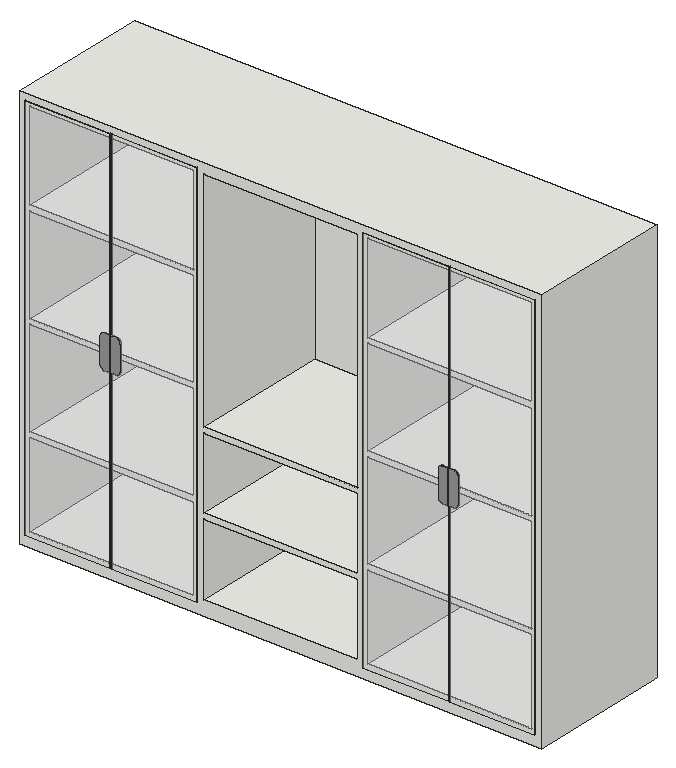
Revit family "d4fd8f3cc87a4613aad658a719bdf601", category Furniture, Revit 2021
Family settings
  OmniClass Number = 23.40.20.14.17
  OmniClass Title = Residential Tables and Cabinets
  Seek Item ID = Entertainment Center-0000-USA-ENU
  Work Plane-Based = No
  Always vertical = Yes
  Cut with Voids When Loaded = No
  Shared = No
  Room Calculation Point = No
Parameters (values of type "96" x 84" x 30"")
  Material = Laminate, Ivory, Matte
  Default Elevation = 0' - 0"
  Assembly Code = "E2020200"
  Center Width = 2' - 8"
  Depth = 2' - 6"
  Height = 7' - 0"
  Width = 9' - 0"
Types (3): name | Material | Depth | Height | Width
  (no name) | Laminate, Ivory, Matte | 2' - 6" | 7' - 0" | 9' - 0"
  72" x 72" x 24" | none | 2' - 0" | 6' - 0" | 6' - 0"
  96" x 84" x 30" | Laminate, Ivory, Matte | 2' - 6" | 7' - 0" | 9' - 0"
Reference planes (in)
  plane 1: y = -16
  plane 2: z = 0
  plane 3: x = 0
  plane 4 "Back": y = -1
  plane 5 "Front": y = -31
  plane 6 "Right": x = 54
  plane 7 "Left": x = -54
  plane 8: z = 84
  plane 9: x = -52
  plane 10: x = -16
  plane 11: x = 16
  plane 12: x = 52
  plane 13: x = -54
  plane 14: x = 54
  plane 15: z = 63
  plane 16: z = 42
  plane 17: z = 21
  plane 18: x = -17
  plane 19: x = 17
  plane 20: x = -35
  plane 21: x = 35
  plane 22: x = -52
  plane 23: x = -18
  plane 24: x = 18
  plane 25: x = 52
Forms (in)
  Extrusion 1, solid, material "Laminate, Ivory, Matte" <- "Material"
    sketch origin (0, 0, 0) x (1, 0, 0) y (0, 0, 1)
      loop
        line (-54, 0) -> (54, 0) -> (54, 84) -> (-54, 84) -> (-54, 0)
      loop
        line (-52, 82) -> (-52, 63.5) -> (-18, 63.5) -> (-18, 82) -> (-52, 82)
      loop
        line (-52, 3) -> (-18, 3) -> (-18, 20.5) -> (-52, 20.5) -> (-52, 3)
      loop
        line (52, 82) -> (18, 82) -> (18, 63.5) -> (52, 63.5) -> (52, 82)
      loop
        line (-16, 82) -> (-16, 35) -> (16, 35) -> (16, 82) -> (-16, 82)
      loop
        line (-16, 3) -> (16, 3) -> (16, 18) -> (-16, 18) -> (-16, 3)
      loop
        line (18, 3) -> (52, 3) -> (52, 20.5) -> (18, 20.5) -> (18, 3)
      loop
        line (-18, 21.5) -> (-18, 41.5) -> (-52, 41.5) -> (-52, 21.5) -> (-18, 21.5)
      loop
        line (-52, 62.5) -> (-52, 42.5) -> (-18, 42.5) -> (-18, 62.5) -> (-52, 62.5)
      loop
        line (52, 62.5) -> (18, 62.5) -> (18, 42.5) -> (52, 42.5) -> (52, 62.5)
      loop
        line (52, 41.5) -> (18, 41.5) -> (18, 21.5) -> (52, 21.5) -> (52, 41.5)
      loop
        line (-16, 19) -> (16, 19) -> (16, 34) -> (-16, 34) -> (-16, 19)
    from 1 to 30.75
  Extrusion 2, solid, material "Laminate, Ivory, Matte" <- "Material"
    sketch origin (0, -1, 0) x (-1, 0, 0) y (0, 0, 1)
      loop
        line (52, 82) -> (-52, 82) -> (-52, 3) -> (52, 3) -> (52, 82)
    from 0 to -1
  Extrusion 3, solid, material "Glass - Clear, Grey"
    sketch origin (0, -31, 0) x (-1, 0, 0) y (0, 0, 1)
      loop
        line (52.75, 82.75) -> (35.125, 82.75) -> (35.125, 2) -> (52.75, 2) -> (52.75, 82.75)
      loop
        line (17.25, 2) -> (34.875, 2) -> (34.875, 82.75) -> (17.25, 82.75) -> (17.25, 2)
      loop
        line (-52.75, 82.75) -> (-52.75, 2) -> (-35.125, 2) -> (-35.125, 82.75) -> (-52.75, 82.75)
      loop
        line (-17.25, 2) -> (-17.25, 82.75) -> (-34.875, 82.75) -> (-34.875, 2) -> (-17.25, 2)
    from 0 to 0.25
  Extrusion 4, solid, material "Steel, Chrome Plated"
    sketch origin (0, -31, 0) x (-1, 0, 0) y (0, 0, 1)
      loop
        line (34.875, 45.5) -> (33.92121, 45.5)
        arc (33.92121, 45.5) -> (33.2141, 45.20711) -> (32.92121, 44.5) r 1
        line (32.92121, 44.5) -> (32.92121, 39.5)
        arc (32.92121, 39.5) -> (33.2141, 38.79289) -> (33.92121, 38.5) r 1
        line (33.92121, 38.5) -> (34.875, 38.5) -> (34.875, 45.5)
      loop
        line (35.125, 45.5) -> (35.125, 38.5) -> (36.09375, 38.5)
        arc (36.09375, 38.5) -> (36.80086, 38.79289) -> (37.09375, 39.5) r 1
        line (37.09375, 39.5) -> (37.09375, 44.5)
        arc (37.09375, 44.5) -> (36.80086, 45.20711) -> (36.09375, 45.5) r 1
        line (36.09375, 45.5) -> (35.125, 45.5)
      loop
        line (-34.875, 45.5) -> (-34.875, 38.5) -> (-33.92121, 38.5)
        arc (-33.92121, 38.5) -> (-33.2141, 38.79289) -> (-32.92121, 39.5) r 1
        line (-32.92121, 39.5) -> (-32.92121, 44.5)
        arc (-32.92121, 44.5) -> (-33.2141, 45.20711) -> (-33.92121, 45.5) r 1
        line (-33.92121, 45.5) -> (-34.875, 45.5)
      loop
        line (-35.125, 45.5) -> (-36.09375, 45.5)
        arc (-36.09375, 45.5) -> (-36.80086, 45.20711) -> (-37.09375, 44.5) r 1
        line (-37.09375, 44.5) -> (-37.09375, 39.5)
        arc (-37.09375, 39.5) -> (-36.80086, 38.79289) -> (-36.09375, 38.5) r 1
        line (-36.09375, 38.5) -> (-35.125, 38.5) -> (-35.125, 45.5)
    from 0 to -0.125
Cuts and joins
  joined: Extrusion 1, Extrusion 2
Lines and regions (in)
  Masking region 1
    outline origin (0, 0, 0) x (1, 0, 0) y (0, 1, 0)
      loop
        line (-54, -1) -> (-54, -31) -> (54, -31) -> (54, -1) -> (-54, -1)
Dimensions and locks (in)
  locked: plane 13 to plane 9 at 2
  locked: plane 12 to plane 14 at 2
  plane 8 to Extrusion 1 sketch curve = 0' - 2"
  Extrusion 1 sketch curve to plane 2 = 0' - 3"
  Extrusion 1 sketch curve to Extrusion 1 sketch curve = 0' - 1"  (x2)
  "Width": plane 7 "Left" to plane 6 "Right"
  equal spacing: plane 7 "Left", plane 3, plane 6 "Right"
  equal spacing: plane 4 "Back", plane 1, plane 5 "Front"
  "Depth": plane 4 "Back" to plane 5 "Front"
  equal spacing: plane 8, plane 15, plane 16, plane 17, plane 2
  locked: Extrusion 1 sketch curve to plane 15 at 0.5
  locked: plane 15 to Extrusion 1 sketch curve at 0.5
  locked: Extrusion 1 sketch curve to plane 16 at 0.5
  locked: plane 16 to Extrusion 1 sketch curve at 0.5
  locked: Extrusion 1 sketch curve to plane 17 at 0.5
  locked: plane 17 to Extrusion 1 sketch curve at 0.5
  "Height": plane 8 to plane 2
  "Center Width": plane 10 to plane 11
  equal spacing: plane 10, plane 3, plane 11
  locked: plane 18 to plane 10 at 1
  locked: plane 11 to plane 19 at 1
  locked: plane 7 "Left" to plane 22 at 2
  locked: plane 23 to plane 18 at 1
  locked: plane 19 to plane 24 at 1
  locked: plane 25 to plane 6 "Right" at 2
  equal spacing: plane 22, plane 20, plane 23
  equal spacing: plane 24, plane 21, plane 25
  aligned and locked: Extrusion 1 sketch curve to plane 13
  aligned and locked: Extrusion 1 sketch curve to plane 14
  aligned and locked: plane 13 to plane 7 "Left"
  aligned and locked: Extrusion 1 sketch curve to Extrusion 1 sketch curve  (x2)
  aligned and locked: plane 14 to plane 6 "Right"
  aligned and locked: plane 4 "Back" to Extrusion 1
  aligned and locked: Extrusion 1 to Extrusion 3
  aligned and locked: Extrusion 4 sketch curve to Extrusion 3  (x2)
  aligned and locked: Extrusion 3 to Extrusion 4 sketch curve  (x2)
  aligned and locked: Masking region 1 sketch curve to plane 6 "Right"
  aligned and locked: plane 7 "Left" to Masking region 1 sketch curve
  aligned and locked: Masking region 1 sketch curve to plane 4 "Back"
  aligned and locked: plane 5 "Front" to Masking region 1 sketch curve
Automatic sketch dimensions
  Extrusion 1 sketch curve to plane 9 = 0' - 0"  (x4)
  Extrusion 1 sketch curve to plane 10 = 0' - 0"  (x3)
  Extrusion 1 sketch curve to plane 11 = 0' - 0"  (x3)
  Extrusion 1 sketch curve to plane 12 = 0' - 0"  (x4)
  Extrusion 1 sketch curve to Extrusion 1 sketch curve = 0' - 2"  (x2)
  Extrusion 1 sketch curve to plane 11 = 0' - 2"
  Extrusion 1 sketch curve to plane 8 = 0' - 0"
  Extrusion 1 sketch curve to Extrusion 1 sketch curve = 0' - 0"  (x6)
  Extrusion 1 sketch curve to level = 0' - 0"
  level to Extrusion 1 sketch curve = 0' - 3"
  plane 8 to Extrusion 1 sketch curve = 0' - 2"
  Extrusion 1 sketch curve to Extrusion 1 sketch curve = 0' - 6 1/2"  (x2)
  Extrusion 1 sketch curve to Extrusion 1 sketch curve = 0' - 1"  (x2)
  Extrusion 1 sketch curve to Extrusion 1 sketch curve = 0' - 1 1/2"  (x2)
  Extrusion 2 sketch curve to plane 6 "Right" = 0' - 2"
  plane 7 "Left" to Extrusion 2 sketch curve = 0' - 2"
  level to Extrusion 2 sketch curve = 0' - 3"
  plane 8 to Extrusion 2 sketch curve = 0' - 2"
  plane 18 to Extrusion 1 sketch curve = 0' - 1"
  Extrusion 3 sketch curve to plane 6 "Right" = 0' - 1 1/4"
  Extrusion 3 sketch curve to plane 21 = 0' - 0 1/8"
  plane 21 to Extrusion 3 sketch curve = 0' - 0 1/8"
  Extrusion 3 sketch curve to plane 19 = 0' - 0 1/4"
  plane 18 to Extrusion 3 sketch curve = 0' - 0 1/4"
  Extrusion 3 sketch curve to plane 20 = 0' - 0 1/8"
  plane 20 to Extrusion 3 sketch curve = 0' - 0 1/8"
  plane 7 "Left" to Extrusion 3 sketch curve = 0' - 1 1/4"
  level to Extrusion 3 sketch curve = 0' - 2"  (x4)
  plane 8 to Extrusion 3 sketch curve = 0' - 1 1/4"  (x4)
  Extrusion 4 sketch curve to Extrusion 4 sketch curve = 0' - 0 31/32"  (x4)
  Extrusion 4 sketch curve to Extrusion 4 sketch curve = 0' - 1"  (x5)
  Extrusion 4 sketch curve to Extrusion 4 sketch curve = 0' - 0.95379"  (x4)
  Extrusion 4 sketch curve to Extrusion 4 sketch curve = 0' - 1.95379"
  plane 16 to Extrusion 4 sketch curve = 0' - 3 1/2"  (x2)
  Extrusion 4 sketch curve to Extrusion 4 sketch curve = 0' - 0"  (x2)
  Extrusion 4 sketch curve to plane 16 = 0' - 2 1/2"  (x2)
